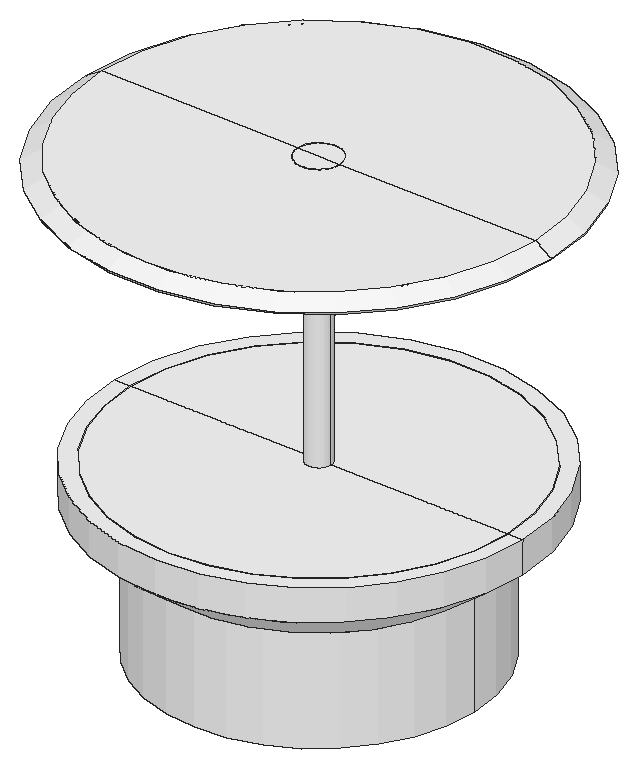
Revit family "Plumbing Fixture-FloorDrain_Mifab_C1450-RD", category Plumbing Fixtures, host Face, Revit 2013
Parameters (values of type "4"")
  WFU = 0
  URL = "WWW.MIFAB.COM"
  Top Assembly Height = 3.500"
  Pipe Radius = Pipe Diameter / 2  # 2.000"
  Pipe Diameter = 4.000"
  Model = "C1450-RD"
  Manufacturer = "MIFAB"
  Floor Drain Material = Paint - Sherwin Williams Paint - #952C2A - Bellwood Red
  Description = "LINE CLEANOUT WITH ROUND, STAINLESS STEEL, SMOOTH ACCESS COVER"
  Default Elevation = 0.000"
  Stainer Radius = Stainer Diameter / 2  # 3.000"
  Stainer Diameter = 6.000"
  Body Height = 2.200"
Types (4): name | Pipe Radius | Pipe Diameter
  (no name) | 2.000" | 4.000"
  3" | 1.500" | 3.000"
  2" | 1.000" | 2.000"
  4" | 2.000" | 4.000"
Reference planes (in)
  plane 1 "Center (Front/Back)": y = 0
  plane 2: z = 0
  plane 3 "Center (Left/Right)": x = 0
  plane 4: x = -3
  plane 5: x = 3
  plane 6: z = -5.7
  plane 7: x = -2
  plane 8: x = 2
  plane 9: z = -3.5
  plane 10: y = 3.5
  plane 11: y = -3.5
Forms (in)
  Revolve 1, solid, material "Paint - Sherwin Williams Paint - #952C2A - Bellwood Red" <- "Floor Drain Material"
    sketch origin (0, 0, 0) x (1, 0, 0) y (0, 0, 1)
      loop
        line (2, -4.36886) -> (2.625, -3.9) -> (2.625, -3.5) -> (2.425, -3.5) -> (2.425, -3.75546) -> (1.9, -3.75546) -> (1.9, -3.95) -> (1.8, -4.4) -> (1.8, -5.7) -> (2, -5.7) -> (2, -4.36886)
      axis (0, -5.7) -> (0, -3.5)
    angle from 0 to 360
  Revolve 2, solid, material "Paint - Sherwin Williams Paint - #952C2A - Bellwood Red" <- "Floor Drain Material"
    sketch origin (0, 0, 0) x (1, 0, 0) y (0, 0, 1)
      loop
        line (-2.425, -3.5) -> (-2.425, -3.75) -> (-1.9, -3.75) -> (-1.9, -3.9) -> (-0.155, -3.9) -> (-0.155, -3.5) -> (-2.425, -3.5)
      axis (0, -3.5) -> (0, -3.9)
    angle from 0 to 360
  Revolve 3, solid, material "Paint - Sherwin Williams Paint - #952C2A - Bellwood Red" <- "Floor Drain Material"
    sketch origin (0, 0, 0) x (1, 0, 0) y (0, 0, 1)
      loop
        line (0.155, -3.5) -> (0.155, -0.14166) -> (0.27429, 0) -> (0, 0) -> (0, -3.5) -> (0.155, -3.5)
      axis (0, 0) -> (0, -3.5)
    angle from 0 to 360
  Revolve 4, solid, material "Paint - Sherwin Williams Paint - #952C2A - Bellwood Red" <- "Floor Drain Material"
    sketch origin (0, 0, 0) x (1, 0, 0) y (0, 0, 1)
      loop
        line (-0.155, -0.14166) -> (-0.27429, 0) -> (-2.78349, 0) -> (-3, -0.125) -> (-2.98438, -0.15206) -> (-2.77512, -0.03125) -> (-0.28883, -0.03125) -> (-0.17718, -0.16384) -> (-0.155, -0.14166)
      axis (0, 0) -> (0, -0.16384)
    angle from 0 to 360
Lines and regions (in)
  symbolic lines
    curve 1: circle (0, 0, 0) r 3 normal (0, 0, 1)
  symbolic lines, style "PlumbingFixtures"
    curve 2: circle (0, 0, 0) r 1.00382 normal (0, 0, 1)
Dimensions and locks (in)
  equal spacing: plane 5, plane 3 "Center (Left/Right)", plane 4
  "Stainer Diameter": plane 5 to plane 4
  "Body Height": plane 9 to plane 6
  equal spacing: plane 8, plane 3 "Center (Left/Right)", plane 7
  "Pipe Diameter": plane 8 to plane 7
  "Top Assembly Height": host face to plane 9
  equal spacing: plane 10, plane 1 "Center (Front/Back)", plane 11
  locked: Revolve 1 sketch curve to Revolve 1 sketch curve at 2.625
  locked: Revolve 1 sketch curve to Revolve 1 sketch curve at 0.2  (x2)
  locked: Revolve 1 sketch curve to Revolve 1 sketch curve at 0.0951
  locked: Revolve 1 sketch curve to Revolve 1 sketch curve at 0.4
  locked: Revolve 1 sketch curve to Revolve 1 sketch curve at 0.725
  locked: Revolve 1 to Revolve 1 at 0.25546
  locked: Revolve 2 sketch curve to Revolve 2 sketch curve at 2.425
  locked: Revolve 2 sketch curve to Revolve 2 sketch curve at 1.9
  locked: Revolve 2 sketch curve to Revolve 2 sketch curve at 0.15
  locked: Revolve 2 sketch curve to Revolve 2 sketch curve at 2.27
  locked: Revolve 3 sketch curve to Revolve 3 sketch curve at 0.155
  locked: Revolve 3 sketch curve to Revolve 3 sketch curve at 0.27429
  locked: Revolve 4 sketch curve to Revolve 4 sketch curve at 2.98438
  "Stainer Radius": radius of curve 1
  locked: Revolve 3 sketch curve to Revolve 3 sketch curve (angle 139.90°)
  aligned and locked: plane 2 to host face
  aligned and locked: level to host face
  aligned and locked: plane 1 "Center (Front/Back)" to curve 1
  aligned and locked: plane 3 "Center (Left/Right)" to curve 1
  aligned and locked: Revolve 1 sketch curve to plane 6
  aligned and locked: plane 9 to Revolve 1 sketch curve
  aligned and locked: plane 3 "Center (Left/Right)" to Revolve 1 sketch curve
  aligned and locked: Revolve 2 sketch curve to plane 3 "Center (Left/Right)"
  aligned and locked: Revolve 1 to Revolve 2 sketch curve
  aligned and locked: Revolve 4 sketch curve to plane 3 "Center (Left/Right)"
  aligned and locked: Revolve 3 sketch curve to plane 3 "Center (Left/Right)"
Automatic sketch dimensions
  host sketch curve to host sketch curve = 96.000"  (x2)
  plane 8 to Revolve 1 sketch curve = 0.200"
  Revolve 1 sketch curve to plane 9 = 0.900"
  Revolve 1 sketch curve to plane 9 = 0.450"
  Revolve 1 sketch curve to Revolve 1 sketch curve = 0.19454"
  Revolve 1 sketch curve to plane 6 = 0.3875"
  Revolve 1 sketch curve to level = 0.91879"
  Revolve 3 sketch curve to level = 3.500"
  Revolve 3 sketch curve to level = 0.14166"
  Revolve 3 sketch curve to Revolve 3 sketch curve = 0.000"
  Revolve 3 sketch curve to Revolve 3 sketch curve = 0.18033"
  Revolve 3 sketch curve to Revolve 3 sketch curve = 0.89535"
  Revolve 2 sketch curve to plane 9 = 0.000"
  Revolve 2 sketch curve to Revolve 2 sketch curve = 0.36328"
  plane 9 to Revolve 2 sketch curve = 0.89097"
  Revolve 4 sketch curve to level = 0.125"
  Revolve 4 sketch curve to level = 0.16384"
  Revolve 4 sketch curve to level = 0.15206"
  Revolve 4 sketch curve to Revolve 4 sketch curve = 0.01562"
  level to Revolve 4 sketch curve = 0.000"
  Revolve 4 sketch curve to level = 0.03125"
  Revolve 4 sketch curve to plane 3 "Center (Left/Right)" = 0.28883"
  Revolve 4 sketch curve to Revolve 4 sketch curve = 0.01454"
  Revolve 4 sketch curve to Revolve 4 sketch curve = 0.11165"
  Revolve 4 sketch curve to Revolve 4 sketch curve = 0.02218"  (x2)
  Revolve 4 sketch curve to Revolve 4 sketch curve = 0.81539"
  level to Revolve 4 sketch curve = 1.21814"
  curve 1 to curve 2 = 0.000"  (x2)
  plane 1 "Center (Front/Back)" to curve 2 = 0.000"
  curve 2 to plane 3 "Center (Left/Right)" = 0.000"
  radius of curve 2 = 1.00382"
Connectors (in)
  piping at (0, 0, -5.7), driven by "Pipe Radius"
    settings: on Revolve 1, index 1, connector radius 2", flow factor 0, pipe flow 0 GPM, pressure drop 0.00 psi, fitting loss kfactor 0, connector angle 0.00°, fixture units 0, engagement length 0.000", flow configuration 0, flow direction 0, fitting loss method 0, system type 7, joint type 0, gender type 0, connector reference index -1, connector utility 0, adjustable connector no, is connector primary yes, fitting loss table "", connector description ""
